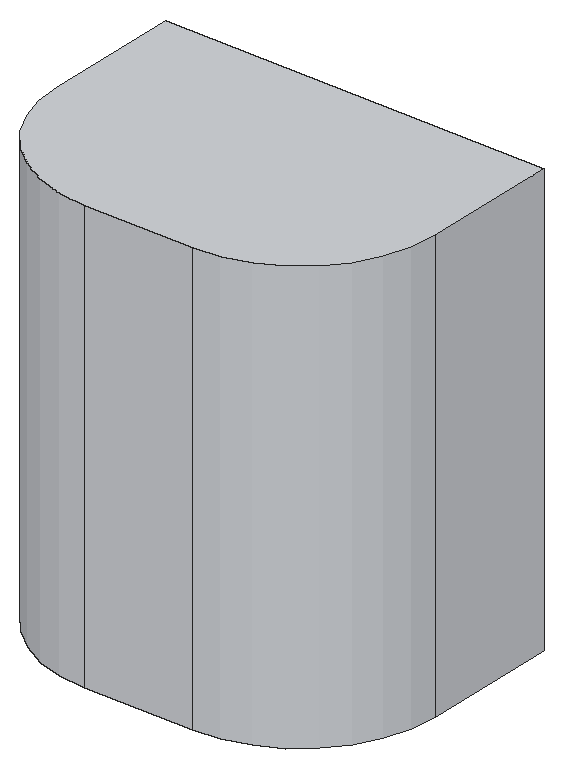
Revit family "LE Basin", category Furniture, Revit 2018
Family settings
  OmniClass Number = 23.40.20.00
  OmniClass Title = General Furniture and Specialties
  Work Plane-Based = No
  Always vertical = Yes
  Cut with Voids When Loaded = No
  Shared = No
  Room Calculation Point = No
Parameters (values of type "350x200mm Hand Rinse Basin")
  Width = 250 mm
  URL = "https://studiole.uk"
  Manufacturer = "LE"
  Length = 350 mm
  Height = 400 mm
  Half Width = Width / 2  # 125 mm
  Frame Material = none
Types (2, lengths in mm): name | Width | Length | Height | Half Width
  600x450mm Hand Wash Basin | 450 | 600 | 900 | 225
  350x200mm Hand Rinse Basin | 250 | 350 | 400 | 125
Reference planes
  plane 1 "Center (Front/Back)": y = 0
  plane 2: z = 0
  plane 3 "Center (Left/Right)": x = 0
  plane 4 "Left": x = -175
  plane 5 "Right": x = 175
  plane 6 "Foot": y = -125
  plane 7 "Head": y = 125
  plane 8 "Height": z = 400
  plane 9 "Chair 4": x = -135
  plane 10 "Chair 5": x = 135
  plane 11 "Chair 6": y = 45
  plane 12 "Chair 7": y = -85
  plane 13 "Chair 8": y = 0
  plane 14 "Chair 9": y = 0
  plane 15 "Chair 12": x = -50
  plane 16 "Chair 13": x = 50
Forms (mm)
  Extrusion 1, solid, material <- "Frame Material"
    sketch origin (0, 0, 0) x (1, 0, 0) y (0, 1, 0)
      loop
        arc (-175, 0) -> (-138.388, -88.388) -> (-50, -125) r 125
        line (-50, -125) -> (50, -125)
        arc (50, -125) -> (138.388, -88.388) -> (175, 0) r 125
        line (175, 0) -> (175, 125) -> (-175, 125) -> (-175, 0)
    from 0 to 400 <- "Height"
Lines and regions (mm)
  model lines
    curve 1: line (-135, 45, 400) -> (135, 45, 400)
    curve 2: line (135, 45, 400) -> (135, 0, 400)
    curve 3: line (-135, 45, 400) -> (-135, 0, 400)
    curve 4: line (-50, -85, 400) -> (50, -85, 400)
    curve 5: arc (-50, -85, 400) -> (-110.104, -60.104, 400) -> (-135, 0, 400) r 85
    curve 6: arc (50, -85, 400) -> (110.104, -60.104, 400) -> (135, 0, 400) r 85
Dimensions and locks
  "Width": plane 7 "Head" to plane 6 "Foot"
  equal spacing: plane 7 "Head", plane 1 "Center (Front/Back)", plane 6 "Foot"
  "Length": plane 4 "Left" to plane 5 "Right"
  equal spacing: plane 4 "Left", plane 3 "Center (Left/Right)", plane 5 "Right"
  "Height": plane 8 "Height" to plane 2
  plane 12 "Chair 7" to plane 6 "Foot" = 40 mm
  plane 7 "Head" to plane 11 "Chair 6" = 80 mm
  plane 4 "Left" to plane 9 "Chair 4" = 40 mm
  plane 10 "Chair 5" to plane 5 "Right" = 40 mm
  "Half Width": plane 14 "Chair 9" to plane 6 "Foot"
  "Half Width": plane 7 "Head" to plane 13 "Chair 8"
  plane 15 "Chair 12" to plane 3 "Center (Left/Right)" to plane 16 "Chair 13" = 50 mm, 50 mm
  aligned and locked: level to plane 2
Automatic sketch dimensions
  curve 1 to plane 9 "Chair 4" = 0 mm
  curve 1 to plane 11 "Chair 6" = 0 mm
  plane 1 "Center (Front/Back)" to Extrusion 1 sketch curve = 0 mm  (x2)
  Extrusion 1 sketch curve to plane 4 "Left" = 0 mm
  Extrusion 1 sketch curve to plane 15 "Chair 12" = 0 mm
  Extrusion 1 sketch curve to plane 6 "Foot" = 0 mm
  Extrusion 1 sketch curve to plane 16 "Chair 13" = 0 mm
  Extrusion 1 sketch curve to plane 5 "Right" = 0 mm
  Extrusion 1 sketch curve to plane 7 "Head" = 0 mm
  plane 1 "Center (Front/Back)" to curve 2 = 0 mm
  plane 12 "Chair 7" to curve 4 = 0 mm
  plane 1 "Center (Front/Back)" to curve 5 = 0 mm
  curve 6 to plane 10 "Chair 5" = 0 mm
  curve 5 to plane 15 "Chair 12" = 0 mm
